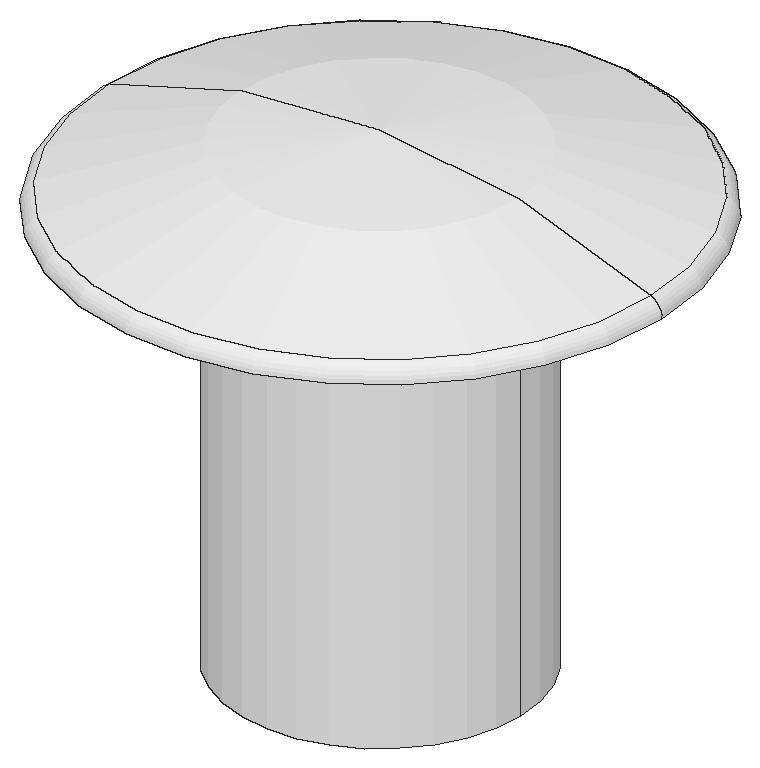
Revit family "PRD_FrankeWS_WshBsnsWsts_RondoWasteValve_E-XINH-VALVE,SS", category Plumbing Fixtures, Revit 2018
Family settings
  Round Connector Dimension = Use Diameter
  Part Type = Normal
  OmniClass Number = 23.45.00.00
  OmniClass Title = Sanitary, Laundry, and Cleaning Equipment
  Work Plane-Based = No
  Always vertical = Yes
  Cut with Voids When Loaded = No
  Shared = No
  Room Calculation Point = No
Parameters (values of type "E-XINH-VALVE")
  WasteValveMaterial = PRD_AR_ChromatedBrass_HighPolished
  WasteTrapType = "Other"
  WasteSize = 32.00 mm
  WarrantyStartDate [instance] = "1900-12-31T23:59:59"
  WarrantyGuarantorParts = "n/a"
  WarrantyGuarantorLabor = "n/a"
  WarrantyDurationUnit = "year"
  WarrantyDurationParts = "n/a"
  WarrantyDurationLabor = "n/a"
  WarrantyDescription = "n/a"
  Version = "1"
  Uniclass2015Version = "Products v1.10"
  Uniclass2015Title = "Wash basins wastes"
  Uniclass2015Code = "Pr_70_55_96_97"
  URL = "www.kwc.com"
  TailPattern = "n/a"
  TagNumber [instance] = "n/a"
  SustainabilityPerformance = "n/a"
  Standard = "n/a"
  Size = "DN 32 (1 1/4 inch.)"
  Shape = "Cylindrical"
  SerialNumber [instance] = "n/a"
  Revision = "n/a"
  ReplacementCost = "n/a"
  ProductInformation = "https://pim.kwc.com/product/2000101365/attachment/datasheet?locale=en"
  OutletConnectionSize = 32 mm
  NominalWidth = 0 mm
  NominalLength = 0 mm
  NominalHeight = 0 mm
  NetWeight = 0.32 kg
  Name = "RONDO waste valve E-XINH-VALVE"
  NBSTypeID = "n/a"
  NBSReference = "45-35-70/372"
  NBSOfficeMasterTag = "n/a"
  NBSNote = "n/a"
  NBSDescription = "Wastes for wash basins"
  NBSCertification = "n/a"
  ModelReference = "E-XINH-VALVE"
  ModelNumber = "2000101365"
  Model = ModelReference  # "E-XINH-VALVE"
  MaterialsFinishAndColour = "n/a"
  MaterialsBody = "n/a"
  Material = "n/a"
  ManufacturerURL = "www.kwc.com"
  ManufacturerName = "KWC Group AG"  # constant formula
  Manufacturer = ManufacturerName  # "KWC Group AG"
  Length [instance] = 40 mm
  InstallationDate [instance] = "1900-12-31T23:59:59"
  InletConnectionSize = 0 mm
  IfcExportType = "WASTETRAP"
  IfcExportAs = "IfcWasteTerminalType"
  GrossWeight = 0.32 kg
  Grade = "n/a"
  Form = "n/a"
  Finish = "n/a"
  Features = "Waste valve"
  ExpectedLife = "n/a"
  DurationUnit = "year"
  Description = "Dome waste outlet DN 32, chromated brass, only applicable for washbasins with overflow."
  CreatedOn = "12/2018"  # constant formula
  Constituents = "n/a"
  Color = "n/a"
  CodePerformance = "n/a"
  Category = "Pr_70_55_96_97, Wash basins wastes"
  BarCode [instance] = "n/a"
  BIMObjectName = "PRD_AR_WashBasinsWastes_RondoWasteValve_E-XINH-VALVE"
  Author = "Archispace"  # constant formula
  AssetType = "Fixed"
  AssetIdentifier [instance] = "n/a"
  AccessibilityPerformance = "n/a"
Types (2, lengths in mm): name | ProductInformation | NetWeight | Name | ModelReference | ModelNumber | Model | GrossWeight | Description | BIMObjectName
  E-XINH-VALVE-SS | "https://pim.kwc.com/product/2000101361/attachment/datasheet?locale=en" | 1.00 kg | "RONDO waste valve E-XINH-VALVE-SS" | "E-XINH-VALVE-SS" | "2000101361" | "E-XINH-VALVE-SS" | 1.00 kg | "Dome waste outlet DN32, chromated brass , lockable, only applicable for washbasins with overflow." | "PRD_AR_WashBasinsWastes_RondoWasteValve_E-XINH-VALVE-SS"
  E-XINH-VALVE | "https://pim.kwc.com/product/2000101365/attachment/datasheet?locale=en" | 0.32 kg | "RONDO waste valve E-XINH-VALVE" | "E-XINH-VALVE" | "2000101365" | "E-XINH-VALVE" | 0.32 kg | "Dome waste outlet DN 32, chromated brass, only applicable for washbasins with overflow." | "PRD_AR_WashBasinsWastes_RondoWasteValve_E-XINH-VALVE"
Reference planes
  plane 1 "Center (Front/Back)": y = 0
  plane 2: z = 0
  plane 3 "Center (Left/Right)": x = 0
  plane 4: z = -40
Forms (mm)
  Revolve 1, solid, material "PRD_AR_ChromatedBrass_HighPolished" <- "WasteValveMaterial", detail levels fine
    sketch origin (0, 0, 0) x (1, 0, 0) y (0, 0, 1)
      loop
        arc (0, 14) -> (-15.689, 12.446) -> (-30.769, 7.846) r 80
        arc (-30.769, 7.846) -> (-31.664, 7.109) -> (-32, 6) r 2
        line (-32, 6) -> (-16, 6) -> (-16, 0) -> (0, 0) -> (0, 14)
      axis (0, 0) -> (0, 14)
    angle from 0 to 360
  Extrusion 2, solid, material "PRD_AR_ChromatedBrass_HighPolished" <- "WasteValveMaterial"
    sketch origin (0, 0, 0) x (1, 0, 0) y (0, 1, 0)
      loop
        circle (0, 0) r 16
    from 0 to -40
Dimensions and locks
  "Length": plane 2 to plane 4
  aligned and locked: level to plane 2
  aligned and locked: plane 4 to Extrusion 2
Automatic sketch dimensions
  Revolve 1 sketch curve to level = 0 mm
  Revolve 1 sketch curve to plane 3 "Center (Left/Right)" = 0 mm  (x2)
  Revolve 1 sketch curve to plane 3 "Center (Left/Right)" = 16 mm
  Revolve 1 sketch curve to Revolve 1 sketch curve = 14 mm
  Revolve 1 sketch curve to Revolve 1 sketch curve = 2 mm
  Revolve 1 sketch curve to Revolve 1 sketch curve = 66 mm
  level to Revolve 1 sketch curve = 6 mm
  level to Revolve 1 sketch curve = 14 mm
  Revolve 1 sketch curve to Revolve 1 sketch curve = 0 mm
  Revolve 1 sketch curve to Revolve 1 sketch curve = 12.431 mm
  plane 1 "Center (Front/Back)" to Extrusion 2 sketch curve = 0 mm
  Extrusion 2 sketch curve to plane 3 "Center (Left/Right)" = 0 mm
  radius of Extrusion 2 sketch curve = 16 mm
